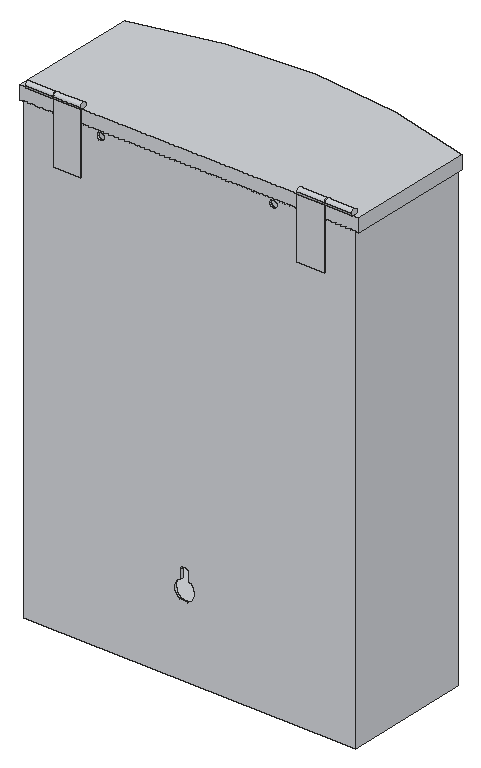
Revit family "AX8402_0009", category Appareils sanitaires, Revit 2016
Family settings
  Hôte = Mur
  Type d'élément = Normal
  Cote de connecteur circulaire = Utiliser le diamètre
  Numéro OmniClass = 23.75.00.00
  Titre OmniClass = Climate Control (HVAC)
  Toujours verticalement = Oui
  Couper avec des vides une fois chargée = Non
  Partagée = Non
  Point de calcul de pièce = Non
Parameters (values of type "Type 1")
  URL = "https://www.axeuro.com/fr/hygiene-feminine/22404-poubelle-hygiene-feminine-ax8402.html?search_query=ax8402&results=1"
  Type de produit / Type of product = "Poubelle pour l'hygiène féminine / Hygiene bag dispenser"  # constant formula
  Référence / Reference = "AX8402, AX8402-MBK"  # constant formula
  Model = ""
  Manufacturer = ""
  Entreprise / Company = "Axeuro"  # constant formula
  Description = ""
Reference planes
  plane 1 "Mur": y = 0
  plane 2 "Centre (gauche/droite)": x = 0
  plane 3 "Arrière": y = 75
Forms (mm)
  Extrusion 1, solid
    sketch origin (0, 0, 0) x (1, 0, 0) y (0, 1, 0)
      loop
        line (93.003, 75) -> (93.003, 145.009)
        arc (93.003, 145.009) -> (2.571, 159.965) -> (-88.106, 146.581) r 296.459
        line (-88.106, 146.581) -> (-88.106, 75) -> (93.003, 75)
      loop
        arc (92.203, 144.431) -> (2.57, 159.165) -> (-87.306, 145.992) r 295.659
        line (-87.306, 145.992) -> (-87.306, 75.8) -> (92.203, 75.8) -> (92.203, 144.431)
    from 544.848 to 797.558
  Extrusion 2, solid
    sketch origin (0, 0, 1) x (1, 0, 0) y (0, 1, 0)
      loop
        line (-88.106, 75) -> (93.003, 75) -> (93.003, 144.946)
        arc (93.003, 144.946) -> (2.571, 159.901) -> (-88.106, 146.518) r 296.459
        line (-88.106, 146.518) -> (-88.106, 75)
    from 543.848 to 544.691
  Extrusion 3, solid
    sketch origin (0.047, 20, 0) x (1, 0, 0) y (0, 1, 0)
      loop
        line (94.905, 55) -> (94.905, 125.074)
        arc (94.905, 125.074) -> (2.532, 140.666) -> (-90.095, 126.655) r 296.459
        line (-90.095, 126.655) -> (-90.095, 55) -> (94.905, 55)
    from 797.558 to 804.848
  Extrusion 4, solid
    sketch origin (0, -10.441, -7.267) x (0, 1, 0) y (0, 0, 1)
      loop
        circle (86.691, 812.933) r 1.69
    from 76.434 to 91.434
  Extrusion 5, solid
    sketch origin (0, 0, 0) x (1, 0, 0) y (0, 0, 1)
      loop
        line (61.434, 804.848) -> (61.434, 771.431) -> (76.434, 771.431) -> (76.434, 804.848) -> (61.434, 804.848)
    from -75.282 to -74.813
  Extrusion 6, solid
    sketch origin (4.9, 0, 0) x (-1, 0, 0) y (0, 0, -1)
      loop
        line (61.434, -804.848) -> (76.434, -804.848) -> (76.434, -771.431) -> (61.434, -771.431) -> (61.434, -804.848)
    from -75.282 to -74.813
  Extrusion 7, void
    sketch origin (22.918, 0, 32.309) x (1, 0, 0) y (0, 0, 1)
      loop
        circle (25.607, 762.739) r 2.1
    from -75.8 to -75
  Extrusion 8, void
    sketch origin (-18.018, 0, 39.635) x (-1, 0, 0) y (0, 0, -1)
      loop
        circle (27.607, -755.413) r 2.1
    from -75.8 to -75
  Extrusion 9, solid
    sketch origin (-15, -10.441, -7.267) x (0, 1, 0) y (0, 0, 1)
      loop
        circle (86.691, 812.933) r 1.69
    from 76.434 to 91.434
  Extrusion 10, solid
    sketch origin (4.9, -10.441, -7.267) x (0, 1, 0) y (0, 0, -1)
      loop
        circle (86.691, -812.933) r 1.69
    from 76.434 to 91.434
  Extrusion 11, solid
    sketch origin (19.9, -10.441, -7.267) x (0, 1, 0) y (0, 0, -1)
      loop
        circle (86.691, -812.933) r 1.69
    from 76.434 to 91.434
  Extrusion 12, void
    sketch origin (100.297, 0, -139.223) x (1, 0, 0) y (0, 0, 1)
      loop
        arc (-102.277, 733.673) -> (-100.255, 723.071) -> (-98.316, 733.688) r 5.49
        line (-98.316, 733.688) -> (-98.316, 738.673)
        arc (-98.316, 738.673) -> (-100.297, 740.013) -> (-102.277, 738.673) r 2.134
        line (-102.277, 738.673) -> (-102.277, 733.673)
    from -75 to -75.8
Cuts and joins
  Extrusion 7, Extrusion 8, Extrusion 12 cuts Extrusion 1
  Extrusion 8 cuts Extrusion 2
  joined: Extrusion 1, Extrusion 2
Lines and regions (mm)
  reference lines
    curve 1: line (94.953, 75, 804.848) -> (91.434, 75, 804.848)
Text (mm)
  text "Côté de la mise en place" at (-1820.995, 1116.779, 0), in view "Niveau de réf."
  text "Côté de la mise en place" at (0, 1334.055, 2976.191), in view "Gauche"
  text "Côté de la mise en place" at (0, 439.194, 2944.362), in view "Droite"
Dimensions and locks
  locked: plane 3 "Arrière" to host wall
  Extrusion 3 to Extrusion 3 = 185 mm
  aligned and locked: plane 1 "Mur" to host wall
